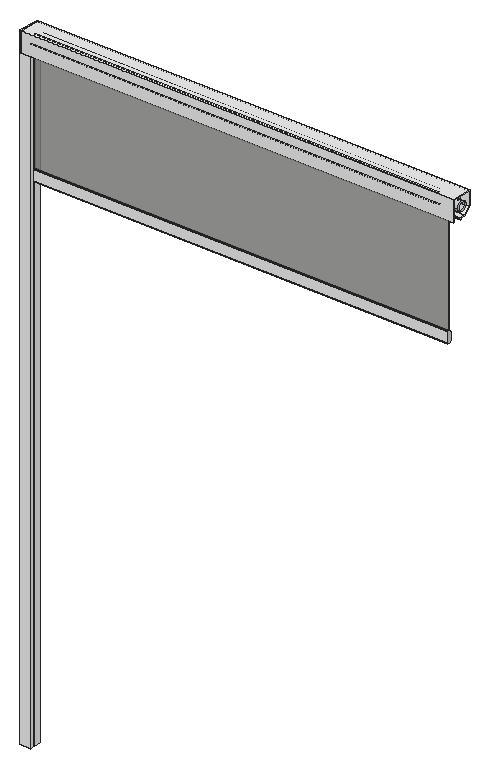
Revit family "heroal VS Z - Partly Integrated - Multi-Part - End Component", category Fenster, Revit 2017
Family settings
  OmniClass-Nummer = 23.30.60.11.11.17.14
  OmniClass-Titel = Powered Awnings
  Arbeitsebenenbasiert = Ja
  Immer vertikal = Nein
  Beim Laden mit Abzugskörper schneiden = Nein
  Gemeinsam genutzt = Nein
  Raumberechnungspunkt = Nein
Parameters (values of type "End Component")
  Wind Load Resistance DIN EN 13561 = "6"  # constant formula
  Width [instance] = 2007.5 mm
  URL = "http://www.heroal.com"
  Track [instance] = heroal Aluminium
  Textile Length [instance] = 500 mm
  Textile [instance] = heroal 3961_Linnen
  Summer heat protection [Gtot] = "0,06-0,25"  # constant formula
  Rough Width = 2007.5 mm
  Rough Height = 3000 mm
  Modell = "heroal VS-Z Shading Systems, Partly Integrated"  # constant formula
  Max Width = "max. 5 metres"  # constant formula
  Max Height = "max. 3 metres"  # constant formula
  Material = "fibreglass/PVC/polyester"  # constant formula
  Hersteller = "heroal"  # constant formula
  Light transmission level DIN EN 40010 = "3-20"  # constant formula
  Rohbauhöhe [instance] = 3000 mm
  Enclosure [instance] = heroal Aluminium
  Edition number = 1
  Beschreibung = "heroal VS-Z Shading Systems"  # constant formula
  Default Elevation = 0 mm
  Cover Type 3 = Cover : FME HC
  Cover Type 2 = Cover : FME 90°
  Cover Type 1 = Cover : FME 45°
  Cover Type [instance] = Cover : FME 45°
  Cover FME HC [instance] = Cover Type = Cover Type 3  # no
  Cover FME 90° [instance] = Cover Type = Cover Type 2  # no
  Cover FME 45° [instance] = Cover Type = Cover Type 1  # yes
  Copyright = "© heroal. Technical changes reserved."  # constant formula
  Class according to DIN EN 14501 = "2-4"  # constant formula
  Ballproof DIN EN 18032-3 = "Requirement fulfilled"  # constant formula
  Baugruppenkennzeichen = "B2020110"
  Analytische Konstruktion = "<None>"
Reference planes
  plane 1 "Back": y = 74.825
  plane 2: z = 0
  plane 3 "Center (Left/Right)": x = 0
  plane 4 "Top": z = 3000
  plane 5: z = 2905
  plane 6 "Cover Front": y = 196.428
  plane 7 "Axis Left": x = -1003.75
  plane 8 "Axis Right": x = 1003.75
  plane 9: z = 2953.197
  plane 10 "Cover Axis": y = 149.675
  plane 11: z = 2879.419
  plane 12 "Bottom Textile": z = 2379.419
  plane 13 "Axis Textile": y = 117.375
  plane 14 "Textile Left": x = -980.14
  plane 15 "Textile Right": x = 980.14
  plane 16 "Cover Back": y = 101.478
  plane 17: x = -1028.762
  plane 18: x = -1023.762
Forms (mm)
  Extrusion 1, solid, detail levels medium+fine
    sketch origin (0, 0, 0) x (0, 1, 0) y (0, 0, 1)
      loop
        circle (149.675, 2953.197) r 17.427
      loop
        circle (149.675, 2953.197) r 22.406
    from -1003.75 to 1003.75
  Sweep 2, solid
    path origin (0, 0, 0) x (1, 0, 0) y (0, 1, 0)
      loop
        line (-970.041, 149.675) -> (970.041, 149.675)
    profile "heroal Profile_VS-Z : heroal Profile_VS-Z" origin (0, 149.675, 0) x (0, 1, 0) y (0, 0, 1)
      loop
        circle (0, 2953.197) r 30.808
      loop
        line (-33.808, 2953.197) -> (-33.808, 2430.5) -> (-40.419, 2430.5) -> (-40.419, 2386.47) -> (-33.274, 2386.47) -> (-35.999, 2379.4) -> (-26.838, 2379.4) -> (-29.563, 2386.47) -> (-22.419, 2386.47) -> (-22.419, 2423.168) -> (-25.123, 2423.168)
        arc (-25.123, 2423.168) -> (-25.965, 2427.597) -> (-29.386, 2430.533) r 6.821
        line (-29.386, 2430.533) -> (-30.792, 2430.533) -> (-30.792, 2939.239)
        arc (-30.792, 2939.239) -> (33.045, 2960.337) -> (-33.808, 2953.197) r 33.808
  Sweep 3, solid, material "heroal Aluminium" <- "Track"
    path origin (0, 74.825, 0) x (1, 0, 0) y (0, 0, 1)
      loop
        line (-1003.75, 0) -> (-1003.75, 2905)
    profile "heroal Profile Center : heroal Profile Center" origin (-1003.75, 74.825, 1452.5) x (-1, 0, 0) y (0, -1, 0)
      loop
        line (-25.006, -78.65) -> (25.006, -78.65) -> (25.006, -48.25) -> (20.006, -48.25) -> (20.006, -38.4) -> (25.006, -38.4) -> (25.006, -26.05) -> (-25.006, -26.05) -> (-25.006, -38.4) -> (-20.006, -38.4) -> (-20.006, -48.25) -> (-25.006, -48.25) -> (-25.006, -78.65)
  Sweep 4, solid, material "heroal Aluminium" <- "Enclosure", visible <- "Cover FME 45°"
    path origin (0, 0, 3000) x (-1, 0, 0) y (0, -1, 0)
      loop
        line (1023.762, -101.478) -> (-1003.75, -101.478)
    profile "heroal Profile FME 45 : heroal Profile FME 45" origin (-10.006, 101.478, 3000) x (0, 1, 0) y (0, 0, 1)
      loop
        line (94.95, 0) -> (0, 0) -> (0, -95) -> (1.593, -95) -> (1.593, -1.593) -> (93.556, -1.593) -> (93.556, -66.689) -> (67.386, -92.859) -> (37.193, -92.859) -> (37.193, -95) -> (41.177, -95) -> (41.177, -101.224) -> (42.67, -101.224) -> (42.67, -95) -> (67.715, -95) -> (94.95, -67.765) -> (94.95, 0)
  Sweep 5, solid, material "heroal Aluminium" <- "Enclosure", visible <- "Cover FME 90°"
    path origin (0, 200, 3000) x (-1, 0, 0) y (0, -1, 0)
      loop
        line (1023.762, 98.522) -> (-1003.75, 98.522)
    profile "heroal Profile FME 90 : heroal Profile FME 90" origin (-10.006, 101.478, 3000) x (0, 1, 0) y (0, 0, 1)
      loop
        line (94.95, 0) -> (0, 0) -> (0, -95) -> (1.593, -95) -> (1.593, -1.593) -> (93.556, -1.593) -> (93.556, -92.859) -> (37.193, -92.859) -> (37.193, -95) -> (41.177, -95) -> (41.177, -101.224) -> (42.67, -101.224) -> (42.67, -95) -> (94.95, -95) -> (94.95, 0)
  Sweep 6, solid, material "heroal Aluminium" <- "Enclosure", visible <- "Cover FME HC"
    path origin (0, 400, 3000) x (-1, 0, 0) y (0, -1, 0)
      loop
        line (1023.762, 298.522) -> (-1003.75, 298.522)
    profile "heroal Profile FME HR : heroal Profile FME HR" origin (-10.006, 101.478, 3000) x (0, 1, 0) y (0, 0, 1)
      loop
        line (47.475, 0) -> (0, 0) -> (0, -95) -> (1.593, -95) -> (1.593, -1.593) -> (47.475, -1.593)
        arc (47.475, -1.593) -> (93.25, -44.113) -> (54.232, -92.9) r 45.9
        line (54.232, -92.9) -> (37.193, -92.9) -> (37.193, -95) -> (41.177, -95) -> (41.177, -101.224) -> (42.67, -101.224) -> (42.67, -95) -> (47.475, -95)
        arc (47.475, -95) -> (94.975, -47.5) -> (47.475, 0) r 47.5
  Sweep 7, solid, material "heroal Aluminium" <- "Enclosure", visible <- "Cover FME 90°"
    path origin (0, 0, 3000) x (-1, 0, 0) y (0, -1, 0)
      loop
        line (1028.762, -101.478) -> (1023.762, -101.478)
    profile "heroal Profile Cover FME 90 : heroal Profile Cover FME 90" origin (-1026.262, 101.478, 3000) x (0, 1, 0) y (0, 0, 1)
      loop
        line (94.95, 0) -> (0, 0) -> (0, -95) -> (94.95, -95) -> (94.95, 0)
  Sweep 8, solid, material "heroal Aluminium" <- "Enclosure", visible <- "Cover FME 45°"
    path origin (-60, 0, 3000) x (-1, 0, 0) y (0, -1, 0)
      loop
        line (968.762, -101.478) -> (963.762, -101.478)
    profile "heroal Profile Cover FME 45 : heroal Profile Cover FME 45" origin (-1026.262, 101.478, 3000) x (0, 1, 0) y (0, 0, 1)
      loop
        line (94.95, 0) -> (0, 0) -> (0, -95) -> (67.715, -95) -> (94.95, -67.765) -> (94.95, 0)
  Sweep 9, solid, material "heroal Aluminium" <- "Enclosure", visible <- "Cover FME HC"
    path origin (-90, 0, 3000) x (-1, 0, 0) y (0, -1, 0)
      loop
        line (938.762, -101.478) -> (933.762, -101.478)
    profile "heroal Profile Cover FME HR : heroal Profile Cover FME HR" origin (-1026.262, 101.478, 3000) x (0, 1, 0) y (0, 0, 1)
      loop
        line (47.475, 0) -> (0, 0) -> (0, -95) -> (47.475, -95)
        arc (47.475, -95) -> (94.975, -47.5) -> (47.475, 0) r 47.5
Lines and regions (mm)
  model lines, style "InvisibleLines"
    curve 1: line (-980.14, 117.375, 2379.419) -> (980.14, 117.375, 2379.419)
    curve 8: line (0, 74.825, 0) -> (0, 74.825, 3000)
  symbolic lines, style "WindowsHiddenLines"
    curve 2: line (1003.75, 101.478, 0) -> (-1028.762, 101.478, 0)
    curve 3: line (-1028.762, 196.428, 0) -> (-1028.762, 101.478, 0)
    curve 4: line (1003.75, 196.428, 0) -> (1003.75, 101.478, 0)
    curve 5: line (1003.75, 196.428, 0) -> (-1028.762, 196.428, 0)
  symbolic lines, style "WindowsHiddenLines", detail levels medium+fine
    curve 6: line (980.14, 123.075, 0) -> (-980.14, 123.075, 0)
    curve 7: line (980.14, 113.225, 0) -> (-980.14, 113.225, 0)
Dimensions and locks
  "Rohbauhöhe": plane 4 "Top" to plane 2
  equal spacing: plane 7 "Axis Left", plane 3 "Center (Left/Right)", plane 8 "Axis Right"
  "Width": plane 7 "Axis Left" to plane 8 "Axis Right"
  plane 4 "Top" to plane 9 to plane 5 = 46.803 mm locked, 48.197 mm locked
  plane 5 to plane 11 = 25.581 mm
  "Textile Length": plane 11 to plane 12 "Bottom Textile"
  "Textile Length": plane 11 to curve 1
  plane 6 "Cover Front" to plane 10 "Cover Axis" to plane 13 "Axis Textile" to plane 16 "Cover Back" to plane 1 "Back" = 46.753 mm locked, 32.3 mm locked, 15.897 mm locked, 26.653 mm locked
  locked: plane 15 "Textile Right" to plane 8 "Axis Right" at 23.61
  locked: plane 7 "Axis Left" to plane 14 "Textile Left" at 23.61
  plane 17 to plane 18 to plane 7 "Axis Left" = 5 mm locked, 20.012 mm locked
  aligned and locked: level to plane 2
  aligned and locked: Extrusion 1 to plane 7 "Axis Left"
  aligned and locked: plane 8 "Axis Right" to Extrusion 1
  aligned and locked: Sweep 2 sketch curve to plane 10 "Cover Axis"
  aligned and locked: plane 13 "Axis Textile" to curve 1
  aligned and locked: plane 14 "Textile Left" to curve 1
  aligned and locked: plane 15 "Textile Right" to curve 1
  aligned and locked: plane 5 to Sweep 3 sketch curve
  aligned and locked: plane 2 to Sweep 3 sketch curve
  aligned and locked: curve 2 to plane 16 "Cover Back"
  aligned and locked: curve 5 to plane 6 "Cover Front"
  aligned and locked: plane 14 "Textile Left" to curve 6
  aligned and locked: plane 15 "Textile Right" to curve 6
  aligned and locked: nested 1 to plane 4 "Top"
  aligned and locked: nested 1 to plane 16 "Cover Back"
  aligned and locked: plane 16 "Cover Back" to Sweep 4 sketch curve
  aligned and locked: plane 16 "Cover Back" to Sweep 5 sketch curve
  aligned and locked: plane 16 "Cover Back" to Sweep 6 sketch curve
  aligned and locked: plane 8 "Axis Right" to curve 4
  aligned and locked: plane 8 "Axis Right" to Sweep 6 sketch curve
  aligned and locked: plane 8 "Axis Right" to Sweep 5 sketch curve
  aligned and locked: plane 8 "Axis Right" to Sweep 4 sketch curve
  aligned and locked: Sweep 3 sketch curve to plane 7 "Axis Left"
  aligned and locked: plane 4 "Top" to curve 8
  aligned and locked: plane 2 to curve 8
  aligned and locked: curve 8 to plane 3 "Center (Left/Right)"
  aligned and locked: plane 7 "Axis Left" to nested 2
  aligned and locked: plane 1 "Back" to nested 2
  aligned and locked: curve 3 to plane 17
  aligned and locked: plane 17 to Sweep 7 sketch curve
  aligned and locked: plane 18 to Sweep 7 sketch curve
  aligned and locked: plane 18 to Sweep 8 sketch curve
  aligned and locked: plane 17 to Sweep 8 sketch curve
  aligned and locked: plane 18 to Sweep 9 sketch curve
  aligned and locked: plane 17 to Sweep 9 sketch curve
  aligned and locked: plane 18 to Sweep 6 sketch curve
  aligned and locked: plane 18 to Sweep 5 sketch curve
  aligned and locked: plane 18 to Sweep 4 sketch curve
Automatic sketch dimensions
  curve 7 to plane 14 "Textile Left" = 0 mm
  curve 7 to plane 15 "Textile Right" = 0 mm
  plane 13 "Axis Textile" to curve 7 = 4.15 mm
  curve 6 to plane 13 "Axis Textile" = 5.7 mm
  Extrusion 1 sketch curve to Extrusion 1 sketch curve = 0 mm  (x2)
  Extrusion 1 sketch curve to plane 9 = 0 mm
  Extrusion 1 sketch curve to plane 10 "Cover Axis" = 0 mm
  plane 14 "Textile Left" to Sweep 2 sketch curve = 10.099 mm
  plane 15 "Textile Right" to Sweep 2 sketch curve = 10.099 mm
  plane 16 "Cover Back" to Sweep 7 sketch curve = 0 mm
  plane 16 "Cover Back" to Sweep 8 sketch curve = 0 mm
  plane 16 "Cover Back" to Sweep 9 sketch curve = 0 mm
  radius of Extrusion 1 sketch curve = 17.427 mm
  radius of Extrusion 1 sketch curve = 22.406 mm
Nested families
  nested 1: "heroal 2D VS-Z Section" at (0, 101.478, 3000) x (0, 1, 0) z (1, 0, 0), FME 45° <- "Cover FME 45°", FME 90° <- "Cover FME 90°", FME HC <- "Cover FME HC", type "heroal 2D VS-Z Section"
    with FME HC no, FME 90° no, FME 45° yes
  nested 2: "heroal 2D Detail C 50 Partly Integrated" at (-1003.75, 74.825, 3000), type "heroal 2D Detail C 50 Partly Integrated"
Definition of nested family "heroal 2D VS-Z Section"
  Parameters (values of type "heroal VS-Z Section")
    FME HC [instance] = yes
    FME 90° [instance] = yes
    FME 45° [instance] = yes
  Reference planes
    plane 1 "Center (Front/Back)": y = 0
    plane 2: z = 0
    plane 3 "Center (Left/Right)": x = 0
  Lines and regions (mm)
    Filled region 1, type "Solid Fill - Grey", in view "Ref. Level", detail levels medium+fine
      outline origin (0, 0, 0) x (1, 0, 0) y (0, 1, 0)
        loop
          circle (48.197, -46.803) r 22.406
        loop
          circle (48.197, -46.803) r 17.427
    Masking region 1, in view "Ref. Level", visible <- "FME 45°"
      outline origin (0, 0, 0) x (1, 0, 0) y (0, 1, 0)
        loop
          line (0, 0) -> (0, -95) -> (14.389, -95) -> (17.405, -95) -> (41.177, -95) -> (41.177, -101.224) -> (42.67, -101.224) -> (42.67, -95) -> (67.715, -95) -> (94.95, -67.765) -> (94.95, 0) -> (0, 0)
    Masking region 2, in view "Ref. Level", visible <- "FME 90°"
      outline origin (0, 0, 0) x (1, 0, 0) y (0, 1, 0)
        loop
          line (0, 0) -> (0, -95) -> (14.389, -95) -> (17.405, -95) -> (41.177, -95) -> (41.177, -101.224) -> (42.67, -101.224) -> (42.67, -95) -> (94.95, -95) -> (94.95, 0) -> (0, 0)
    Masking region 3, in view "Ref. Level", visible <- "FME HC"
      outline origin (0, 0, 0) x (1, 0, 0) y (0, 1, 0)
        loop
          line (0, 0) -> (0, -95) -> (14.389, -95) -> (17.405, -95) -> (41.177, -95) -> (41.177, -101.224) -> (42.67, -101.224) -> (42.67, -95) -> (47.475, -95)
          arc (47.475, -95) -> (94.975, -47.5) -> (47.475, 0) r 47.5
          line (47.475, 0) -> (0, 0)
    detail lines, in view "Ref. Level", detail levels coarse+medium
      curve 1: circle (48.197, -46.803, 0) r 33.808 normal (0, 0, 1)
      curve 4: line (14.389, -95, 0) -> (14.389, -46.803, 0)
      curve 5: line (17.405, -95, 0) -> (17.405, -60.761, 0)
      curve 6: circle (48.197, -46.803, 0) r 30.808 normal (0, 0, 1)
    detail lines, in view "Ref. Level"
      curve 2: line (38.197, -46.803, 0) -> (58.197, -46.803, 0)
      curve 3: line (48.197, -56.803, 0) -> (48.197, -36.803, 0)
    detail lines, in view "Ref. Level", visible <- "FME 45°", detail levels medium+fine
      curve 7: line (37.193, -92.859, 0) -> (66.886, -92.859, 0)
      curve 8: line (66.886, -92.859, 0) -> (92.85, -66.895, 0)
      curve 9: line (92.85, -66.895, 0) -> (92.85, -2.1, 0)
      curve 10: line (92.85, -2.1, 0) -> (2.1, -2.1, 0)
      curve 11: line (2.1, -2.1, 0) -> (2.1, -95, 0)
    detail lines, in view "Ref. Level", visible <- "FME 90°", detail levels medium+fine
      curve 12: line (37.193, -92.859, 0) -> (92.85, -92.859, 0)
      curve 13: line (92.85, -2.141, 0) -> (92.85, -92.859, 0)
      curve 14: line (37.193, -92.859, 0) -> (37.193, -95, 0)
      curve 15: line (2.1, -2.141, 0) -> (2.1, -95, 0)
      curve 16: line (2.1, -2.141, 0) -> (92.85, -2.141, 0)
    detail lines, in view "Ref. Level", visible <- "FME HC", detail levels medium+fine
      curve 17: line (37.193, -92.859, 0) -> (49.404, -92.859, 0)
      curve 18: line (37.193, -92.859, 0) -> (37.193, -95, 0)
      curve 19: line (2.1, -2.141, 0) -> (2.1, -95, 0)
      curve 20: line (2.1, -2.141, 0) -> (49.404, -2.141, 0)
      curve 21: arc (49.404, -92.859, 0) -> (92.875, -47.5, 0) -> (49.404, -2.141, 0) r 45.4
Definition of nested family "heroal 2D Detail C 50 Partly Integrated"
  Reference planes
    plane 1 "Center (Front/Back)": y = 0
    plane 2: z = 0
    plane 3 "Center (Left/Right)": x = 0
  Lines and regions (mm)
    Masking region 1, in view "Ref. Level", detail levels coarse
      outline origin (0, 0, 0) x (1, 0, 0) y (0, 1, 0)
        loop
          line (-25.012, 78.65) -> (-25.012, 0) -> (25, 0) -> (25, 78.65) -> (-25.012, 78.65)
    Masking region 2, in view "Ref. Level", detail levels medium
      outline origin (0, 0, 0) x (1, 0, 0) y (0, 1, 0)
        loop
          line (-25.012, 78.65) -> (-25.012, 48.25) -> (-20.012, 48.25) -> (-20.012, 38.4) -> (-25.012, 38.4) -> (-25.012, 0) -> (25, 0) -> (25, 38.4) -> (20, 38.4) -> (20, 48.25) -> (25, 48.25) -> (25, 78.65) -> (-25.012, 78.65)
    Masking region 3, in view "Ref. Level", detail levels fine
      outline origin (0, 0, 0) x (1, 0, 0) y (0, 1, 0)
        loop
          line (-25.012, 78.65) -> (-25.012, 48.25) -> (-20.012, 48.25) -> (-20.012, 38.4) -> (-25.012, 38.4) -> (-25.012, 6) -> (-25.012, 0) -> (25, 0) -> (25, 6) -> (25, 38.4) -> (20, 38.4) -> (20, 48.25) -> (25, 48.25) -> (25, 78.65) -> (-25.012, 78.65)
    detail lines, in view "Ref. Level", detail levels medium
      curve 1: line (-25.012, 6, 0) -> (25, 6, 0)
      curve 2: line (-25.012, 31, 0) -> (-8.267, 31, 0)
      curve 3: line (-8.267, 31, 0) -> (-8.267, 34.9, 0)
      curve 4: line (-8.267, 34.9, 0) -> (8.233, 34.9, 0)
      curve 5: line (8.233, 34.9, 0) -> (8.233, 31, 0)
      curve 6: line (8.233, 31, 0) -> (25, 31, 0)
      curve 7: line (-25.012, 63.4, 0) -> (25, 63.4, 0)
      curve 8: line (-25.012, 54.5, 0) -> (-6.192, 54.5, 0)
      curve 9: line (6.169, 54.5, 0) -> (25, 54.5, 0)
      curve 10: line (8.662, 54.5, 0) -> (8.662, 63.4, 0)
      curve 11: line (-6.192, 34.9, 0) -> (-6.192, 54.5, 0)
      curve 12: line (6.169, 34.9, 0) -> (6.169, 54.5, 0)
      curve 13: line (-8.662, 54.5, 0) -> (-8.662, 63.4, 0)
      curve 14: line (-14.488, 11.7, 0) -> (-25.012, 11.7, 0)
      curve 15: line (-14.488, 11.7, 0) -> (-12.417, 12.8, 0)
      curve 16: line (-12.417, 12.8, 0) -> (12.383, 12.8, 0)
      curve 17: line (12.383, 12.8, 0) -> (14.454, 11.7, 0)
      curve 18: line (14.454, 11.7, 0) -> (25, 11.7, 0)
